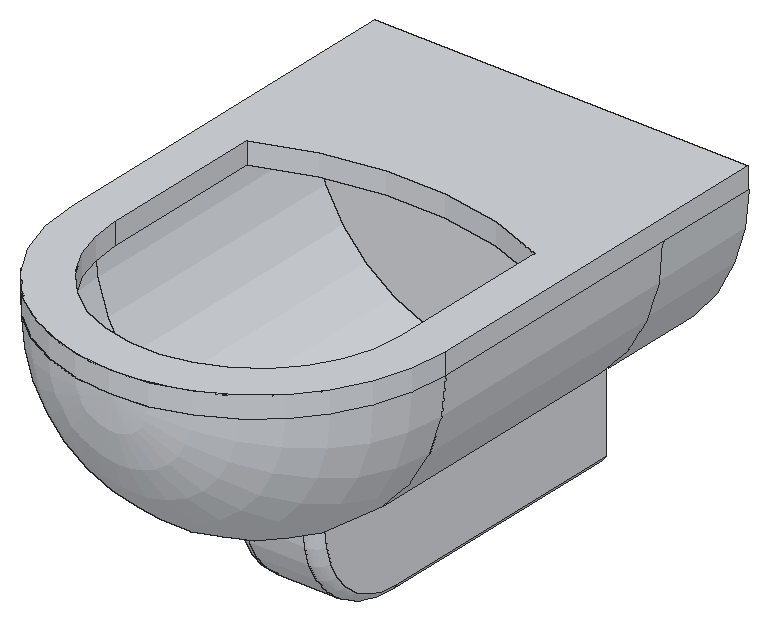
Revit family
Parameters (values of type "530 x 350mm")
  Material = none
  Manufacturer = "Revit"
  Assembly Code = ""
Reference planes
  plane 1 "Center (Front/Back)": y = 0
  plane 2: z = 0
  plane 3 "Center (Left/Right)": x = 0
  plane 4: y = -244.9
Forms (mm)
  Extrusion 1, solid, material <- "Material"
    sketch origin (0, 0, 307.334) x (1, 0, 0) y (0, 1, 0)
      loop
        line (-175, 0) -> (-175, -355)
        arc (-175, -355) -> (0, -530) -> (175, -355) r 175
        line (175, -355) -> (175, 0) -> (-175, 0)
      loop
        arc (135, -200) -> (0, -170.177) -> (-135, -200) r 320.46
        line (-135, -200) -> (-135, -355)
        arc (-135, -355) -> (0, -490) -> (135, -355) r 135
        line (135, -355) -> (135, -200)
    from -20 to 0
  Blend 2, solid, material <- "Material"
    base sketch origin (0, -124.9, 287.334) x (0, 0, -1) y (-1, 0, 0)
      loop
        line (0, 175) -> (0, -175)
        arc (0, -175) -> (175, 0) -> (0, 175) r 175
    top sketch origin (0, -124.9, 287.334) x (0, 0, -1) y (-1, 0, 0)
      loop
        line (0, 174.95) -> (0, -175.05)
        arc (0, -175.05) -> (175, -0.05) -> (0, 174.95) r 175
    from 24.9 to 124.9
  Extrusion 3, solid, material <- "Material"
    sketch origin (0, 0, 307.334) x (0, 1, 0) y (0, 0, 1)
      loop
        line (0, -179.507) -> (-337.566, -179.507) -> (-337.566, -207.334)
        arc (-337.566, -207.334) -> (-310.425, -272.859) -> (-244.9, -300) r 92.666
        line (-244.9, -300) -> (0, -300) -> (0, -179.507)
    from -41.163 to 41.173
  Sweep 4, void
    path origin (41.173, 0, 149.324) x (0, 0, 1) y (0, -1, 0)
      loop
        line (-14.324, 337.566) -> (-49.324, 337.566)
        arc (-49.324, 337.566) -> (-114.849, 310.425) -> (-141.99, 244.9) r 92.666
        line (-141.99, 244.9) -> (-141.99, 0)
    profile origin (0, -122.45, 0) x (0, 0, 1) y (1, 0, 0)
      loop
        line (26.442, 42.532) -> (26.442, 53.837) -> (-3.558, 53.837) -> (-3.558, -51.163) -> (26.442, -51.163) -> (26.442, -43.084) -> (22.334, -43.084)
        arc (22.334, -43.084) -> (11.727, -38.69) -> (7.334, -28.084) r 15
        line (7.334, -28.084) -> (7.334, 27.532)
        arc (7.334, 27.532) -> (11.727, 38.139) -> (22.334, 42.532) r 15
        line (22.334, 42.532) -> (26.442, 42.532)
  Revolve 5, solid, material <- "Material"
    sketch origin (0, 0, 287.334) x (1, 0, 0) y (0, 1, 0)
      loop
        line (-175, -100) -> (-175, -355)
        arc (-175, -355) -> (-123.744, -478.744) -> (0, -530) r 175
        line (0, -530) -> (0, -510)
        arc (0, -510) -> (-109.602, -464.602) -> (-155, -355) r 155
        line (-155, -355) -> (-155, -100) -> (-175, -100)
      axis (0, -530) -> (0, -100)
    angle from 0 to 180
Cuts and joins
  Sweep 4 cuts Extrusion 1
  Sweep 4 cuts Blend 2
  Sweep 4 cuts Extrusion 3
Lines and regions (mm)
  symbolic lines
    curve 1: line (175.05, 0, 0) -> (-174.95, 0, 0)
    curve 2: line (-174.95, 0, 0) -> (-174.95, -355, 0)
    curve 3: arc (-174.95, -355, 0) -> (0.05, -530, 0) -> (175.05, -355, 0) r 175
    curve 4: line (175.05, -355, 0) -> (175.05, 0, 0)
    curve 9: arc (135.05, -200, 0) -> (0.05, -170.177, 0) -> (-134.95, -200, 0) r 320.46
    curve 10: line (-134.95, -200, 0) -> (-134.95, -355, 0)
    curve 11: arc (-134.95, -355, 0) -> (0.05, -490, 0) -> (135.05, -355, 0) r 135
    curve 12: line (135.05, -355, 0) -> (135.05, -200, 0)
  symbolic lines, detail levels medium+fine
    curve 5: arc (-94.95, -125, 0) -> (-84.95, -135, 0) -> (-74.95, -125, 0) r 10
    curve 6: arc (-74.95, -125, 0) -> (-84.95, -115, 0) -> (-94.95, -125, 0) r 10
    curve 7: arc (75.05, -125, 0) -> (85.05, -135, 0) -> (95.05, -125, 0) r 10
    curve 8: arc (95.05, -125, 0) -> (85.05, -115, 0) -> (75.05, -125, 0) r 10
    curve 13: arc (45.05, -254.425, 0) -> (0.05, -239.703, 0) -> (-44.95, -254.425, 0) r 76.135
    curve 14: line (-44.95, -254.425, 0) -> (-44.95, -295.177, 0)
    curve 15: arc (-44.95, -295.177, 0) -> (0.05, -340.177, 0) -> (45.05, -295.177, 0) r 45
    curve 16: line (45.05, -295.177, 0) -> (45.05, -254.425, 0)
